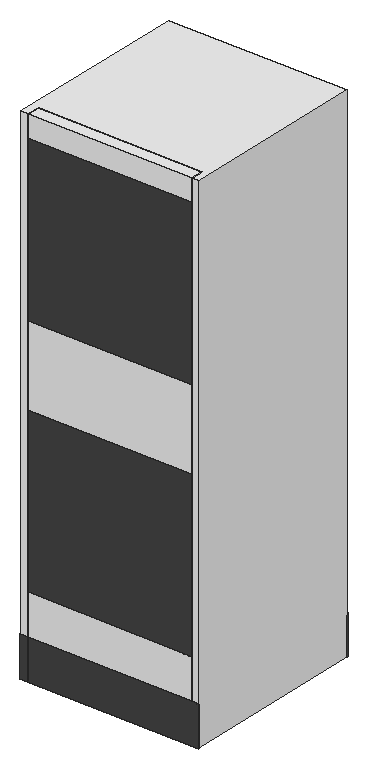
Revit family
Parameters (values of type "ECON-O-DRY DOUBLE LOAD")
  Warranty Duration (Years) = 0
  Voltage = 0 V
  URL = "http://www.continentalgirbau.com"
  Trim Material = Painted Metal - Black
  Three Phase = 0 VA
  Test Data = ""
  Specification = "http://www.arcat.com/sd/clients/cogirbau.html?coid=44467"
  SpecWizard = "http://www.arcat.com/specwizard/11110con/index.htm?mf=&coid=44467"
  Single Phase = 0 VA
  Shell Material = Stainless Steel
  Send Message = "http://admin.arcat.com/users.pl?action=UserEmail&company=Continental%20Girbau,%20Inc.&coid=44467&rep=132&fax=920-231-4666 &mf="
  Sales Information = "http://www.continentalgirbau.com/contact.html"
  Product Properties = "http://www.arcat.com/bim/bim_info.pl?fn=Commercial_Washer"
  Product Data = "http://www.arcat.com/arcatcos/cos44/arc44467.html"
  OpeningCL = DoorOpening / 2  # 1' - 0.34961"
  Model = "As Specified in 11 23 00"
  Mech_Waste = 0' - 4"
  Mech_Steam-Pressure = "0 psi"
  Mech_Steam-Flow = "0"
  Mech_Steam = 0' - 0"
  Mech_Gas_Inlet = 0' - 0"
  Manufacturer Website = "http://www.continentalgirbau.com"
  Manufacturer Phone - Toll Free = "800-256-1073 "
  Manufacturer Phone = "920-231-8222 "
  Manufacturer Fax = "920-231-4666 "
  Manufacturer Address = "2500 State Rd. 44; Oshkosh; WI 54904"
  Manufacturer = "Continental Girbau, Inc."
  Maintenance Schedule (Months) = 0
  MachWidth = 2' - 2 7/8"
  MachHeight = 6' - 4 5/8"
  MachDepth = 2' - 4"
  LwrPanHt = MachHeight / 3  # 2' - 1.54167"
  Keynote = "11 23 00"
  Installation-Fabrication = ""
  Installation Phase = "Interior Fittings"
  InstWidth = 1' - 6"
  Green Building-LEED = "http://www.arcat.com/green/clients/leed_data_44467.html"
  GlassCL = OpeningCL - 0' 2"  # 0' - 10.34961"
  Fr_FaceWdth = MachWidth / 6  # 0' - 4.47917"
  Expected Lifespan (Years) = 0
  Gas Heat Source = no
  Electric Heat Source = yes
  Drawn By = "Robert S. Weygant, CSI, CDT, SCIP"
  DoorOpening = 2' - 0 179/256"
  DoorHeight = 1' - 0"
  Description = "Commercial Washer"
  Cyl_Diam = CylRad * 2  # 2' - 2"
  Cyl_Depth = 2' - 0"
  CylRad = 1' - 1"
  Copyright = "2009, ARCAT, Inc."  # constant formula
  Construction Details = "http://www.arcat.com/details/cogirbau/cogirbau.html?coid=44467"
  Capacity_Weight = 25
  Capacity_Volume = (3.1416 * (CylRad ^ 2)) * Cyl_Depth  # 0.20881 m³
  Building Codes = ""
  BTU = ""
  Assembly Code = "E1010610"
Reference planes (in)
  plane 1 "Front": y = 0
  plane 2: z = 0
  plane 3 "Center (Left/Right)": x = 4.36029
  plane 4: x = -9.07721
  plane 5: x = 17.79779
  plane 6: y = 28
  plane 7: z = 76.625
  plane 8: z = 24.34961
  plane 9: z = 12
  plane 10 "DoorFront": y = 2
  plane 11: y = 26
  plane 12: z = 48.69922
  plane 13: z = 36.69922
  plane 14: z = 61.04883
Forms (in)
  Extrusion 1, solid, material "Stainless Steel" <- "Shell Material"
    sketch origin (0, 0, 0) x (1, 0, 0) y (0, 1, 0)
      loop
        line (-9.07721, 0) -> (-7.98932, 0) -> (-7.98932, 2) -> (16.7099, 2) -> (16.7099, 0) -> (17.79779, 0) -> (17.79779, 28) -> (-9.07721, 28) -> (-9.07721, 0)
    from 0 to 76.625
  Extrusion 2, solid, material "Painted Metal - Black" <- "Trim Material"
    sketch origin (0, 2, -18.64844) x (-1, 0, 0) y (0, 0, 1)
      loop
        line (7.98932, 55.34766) -> (-16.7099, 55.34766) -> (-16.7099, 30.64844) -> (7.98932, 30.64844) -> (7.98932, 55.34766)
    from -0.95871 to -2
  Extrusion 3, void
    sketch origin (0, 2, -16.54883) x (-1, 0, 0) y (0, 0, 1)
      loop
        circle (-4.36029, 40.89844) r 13
    from 0.25 to 24
  Extrusion 4, void
    sketch origin (0, 2, 0) x (-1, 0, 0) y (0, 0, 1)
      loop
        circle (-4.36029, 24.34961) r 12.34961
    from 0 to 0.5
  Extrusion 5, solid, material "Stainless Steel" <- "Shell Material"
    sketch origin (0, 2, 0) x (-1, 0, 0) y (0, 0, 1)
      loop
        line (7.98932, 76.625) -> (-16.7099, 76.625) -> (-16.7099, 73.39844) -> (7.98932, 73.39844) -> (7.98932, 76.625)
    from 0 to -2
  Extrusion 6, solid, material "Stainless Steel"
    sketch origin (0, 2, 0) x (-1, 0, 0) y (0, 0, 1)
      loop
        line (7.98932, 0) -> (7.98932, 12) -> (-16.7099, 12) -> (-16.7099, 0) -> (7.98932, 0)
    from 0 to -2
  Extrusion 7, solid, material "Glass"
    sketch origin (0, 2, -16.54883) x (-1, 0, 0) y (0, 0, 1)
      loop
        circle (-4.36029, 40.89844) r 10.34961
    from 0 to 0.5
  Extrusion 8, solid, material "Painted Metal - Black" <- "Trim Material"
    sketch origin (0, 0, 0) x (1, 0, 0) y (0, 0, 1)
      loop
        line (-9.07721, 0) -> (17.79779, 0) -> (17.79779, 6) -> (-9.07721, 6) -> (-9.07721, 0)
    from -0.0625 to 0.0625
  Extrusion 9, solid, material "Stainless Steel" <- "Shell Material"
    sketch origin (0, 2, -31.92578) x (-1, 0, 0) y (0, 0, 1)
      loop
        line (7.98932, 80.625) -> (-16.7099, 80.625) -> (-16.7099, 68.625) -> (7.98932, 68.625) -> (7.98932, 80.625)
    from 0 to -2
  Extrusion 10, solid, material "Painted Metal - Black" <- "Trim Material"
    sketch origin (0, 2, 18.05078) x (-1, 0, 0) y (0, 0, 1)
      loop
        line (7.98932, 55.34766) -> (-16.7099, 55.34766) -> (-16.7099, 30.64844) -> (7.98932, 30.64844) -> (7.98932, 55.34766)
    from -0.95871 to -2
  Extrusion 11, void
    sketch origin (0, 2, 20.15039) x (-1, 0, 0) y (0, 0, 1)
      loop
        circle (-4.36029, 40.89844) r 13
    from 0.25 to 24
  Extrusion 12, void
    sketch origin (0, 2, 36.69922) x (-1, 0, 0) y (0, 0, 1)
      loop
        circle (-4.36029, 24.34961) r 12.34961
    from 0 to 0.5
  Extrusion 13, solid, material "Glass"
    sketch origin (0, 2, 20.15039) x (-1, 0, 0) y (0, 0, 1)
      loop
        circle (-4.36029, 40.89844) r 10.34961
    from 0 to 0.5
  Extrusion 14, solid, material "Painted Metal - Black"
    sketch origin (0, 0, 0) x (1, 0, 0) y (0, 0, 1)
      loop
        line (17.79779, 0) -> (17.79779, 6) -> (11.79779, 6) -> (11.79779, 0) -> (17.79779, 0)
    from -28.0625 to -28
  Extrusion 15, solid, material "Painted Metal - Black"
    sketch origin (-10.4375, 0, 24) x (1, 0, 0) y (0, 0, 1)
      loop
        line (17.79779, 0) -> (17.79779, 6) -> (11.79779, 6) -> (11.79779, 0) -> (17.79779, 0)
    from -28.0625 to -28
  Extrusion 16, solid, material "Painted Metal - Black"
    sketch origin (-15.875, 0, 12) x (1, 0, 0) y (0, 0, 1)
      loop
        line (17.79779, 0) -> (17.79779, 6) -> (11.79779, 6) -> (11.79779, 0) -> (17.79779, 0)
    from -28.0625 to -28
Cuts and joins
  Extrusion 3, Extrusion 4, Extrusion 11, Extrusion 12 cuts Extrusion 1
  Extrusion 3, Extrusion 4 cuts Extrusion 2
  Extrusion 11 cuts Extrusion 7
  Extrusion 11 cuts Extrusion 13
  Extrusion 12 cuts Extrusion 6
  Extrusion 12 cuts Extrusion 9
Lines and regions (in)
  symbolic lines
    curve 1: line (16.81862, 0, 0) -> (14.81862, 0, 0)
    curve 2: line (16.81862, -24.69922, 0) -> (16.81862, 0, 0)
    curve 3: line (14.81862, -24.69922, 0) -> (16.81862, -24.69922, 0)
    curve 4: line (14.81862, 0, 0) -> (14.81862, -24.69922, 0)
    curve 5: arc (16.81862, -24.69922, 0) -> (-0.02298, -18.06687, 0) -> (-7.81981, -1.73171, 0) r 24.69922
Dimensions and locks (in)
  "MachWidth": plane 4 to plane 5
  "MachDepth": plane 1 "Front" to plane 6
  equal spacing: plane 4, plane 3 "Center (Left/Right)", plane 5
  "MachHeight": plane 7 to plane 2
  locked: Extrusion 1 sketch curve to Extrusion 1 sketch curve at 2
  "DoorHeight": plane 9 to plane 2
  "OpeningCL": plane 8 to plane 9
  "Cyl_Depth": plane 11 to plane 10 "DoorFront"
  "DoorOpening": curve 3 to curve 1
  "OpeningCL": plane 8 to cut or joined group of Extrusion 2, Extrusion 3, Extrusion 4
  "DoorOpening": Extrusion 2 sketch curve to Extrusion 6
  equal spacing: Extrusion 2 sketch curve, plane 8, Extrusion 2 sketch curve
  "DoorHeight": plane 12 to plane 13
  "DoorOpening": Extrusion 10 sketch curve to Extrusion 10 sketch curve  (x2)
  "OpeningCL": plane 14 to plane 12
  "DoorOpening": Extrusion 5 to Extrusion 10 sketch curve
  equal spacing: Extrusion 10 sketch curve, plane 3 "Center (Left/Right)", Extrusion 10 sketch curve
  "DoorOpening": Extrusion 2 sketch curve to Extrusion 2 sketch curve
  equal spacing: Extrusion 2 sketch curve, plane 3 "Center (Left/Right)", Extrusion 2 sketch curve
  locked: cut or joined group of Extrusion 1, Extrusion 3, Extrusion 4, Extrusion 11, Extrusion 12 to cut or joined group of Extrusion 1, Extrusion 3, Extrusion 4, Extrusion 11, Extrusion 12 at 1.08789  (x2)
  locked: Extrusion 14 to cut or joined group of Extrusion 1, Extrusion 3, Extrusion 4, Extrusion 11, Extrusion 12 at 0.0625
  locked: cut or joined group of Extrusion 1, Extrusion 3, Extrusion 4, Extrusion 11, Extrusion 12 to Extrusion 15 at 24
  locked: Extrusion 15 sketch curve to Extrusion 15 sketch curve at 6  (x2)
  equal spacing: Extrusion 15 sketch curve, plane 3 "Center (Left/Right)", Extrusion 15 sketch curve, locked at 3 each
  locked: Extrusion 16 sketch curve to Extrusion 16 sketch curve at 6  (x2)
  locked: cut or joined group of Extrusion 1, Extrusion 3, Extrusion 4, Extrusion 11, Extrusion 12 to Extrusion 16 sketch curve at 5
  locked: cut or joined group of Extrusion 1, Extrusion 3, Extrusion 4, Extrusion 11, Extrusion 12 to Extrusion 16 sketch curve at 12
  "CylRad": radius of Extrusion 3 sketch curve
  "OpeningCL": radius of Extrusion 4 sketch curve
  "GlassCL": radius of Extrusion 7 sketch curve
  "CylRad": radius of Extrusion 11 sketch curve
  "OpeningCL": radius of Extrusion 12 sketch curve
  "GlassCL": radius of Extrusion 13 sketch curve
  aligned and locked: plane 4 to Extrusion 1
  aligned and locked: plane 5 to Extrusion 1
  aligned and locked: plane 1 "Front" to Extrusion 1
  aligned and locked: plane 6 to Extrusion 1
  aligned and locked: plane 7 to Extrusion 1
  aligned and locked: plane 10 "DoorFront" to Extrusion 1
  aligned and locked: plane 11 to cut or joined group of Extrusion 1, Extrusion 3, Extrusion 4, Extrusion 11, Extrusion 12
  aligned and locked: Extrusion 5 sketch curve to plane 7
  aligned and locked: Extrusion 5 to cut or joined group of Extrusion 1, Extrusion 3, Extrusion 4, Extrusion 11, Extrusion 12  (x2)
  aligned and locked: Extrusion 6 sketch curve to plane 2
  aligned and locked: Extrusion 6 to cut or joined group of Extrusion 1, Extrusion 3, Extrusion 4, Extrusion 11, Extrusion 12  (x2)
  aligned and locked: Extrusion 8 sketch curve to plane 5
  aligned and locked: Extrusion 8 sketch curve to plane 2
  aligned and locked: cut or joined group of Extrusion 1, Extrusion 3, Extrusion 4, Extrusion 11, Extrusion 12 to Extrusion 8 sketch curve
  aligned and locked: plane 8 to Extrusion 7
  aligned and locked: plane 8 to cut or joined group of Extrusion 1, Extrusion 3, Extrusion 4, Extrusion 11, Extrusion 12
  aligned and locked: plane 9 to Extrusion 6
  aligned and locked: Extrusion 9 to cut or joined group of Extrusion 2, Extrusion 3, Extrusion 4
  aligned and locked: Extrusion 9 to Extrusion 10
  aligned and locked: Extrusion 9 to cut or joined group of Extrusion 1, Extrusion 3, Extrusion 4, Extrusion 11, Extrusion 12  (x2)
  aligned and locked: plane 13 to Extrusion 9
  aligned and locked: Extrusion 5 to Extrusion 10
  aligned and locked: plane 14 to Extrusion 13
  aligned and locked: cut or joined group of Extrusion 1, Extrusion 3, Extrusion 4, Extrusion 11, Extrusion 12 to Extrusion 14 sketch curve  (x2)
  aligned and locked: Extrusion 14 to plane 6
Automatic sketch dimensions
  curve 4 to plane 1 "Front" = 0' - 0"
  curve 5 to plane 1 "Front" = 0' - 0"
  plane 4 to curve 5 = 0' - 1.2574"
  plane 5 to curve 4 = 0' - 2.97917"
  curve 3 to curve 3 = 0' - 2"
  Extrusion 1 sketch curve to plane 4 = 0' - 0"
  Extrusion 1 sketch curve to plane 10 "DoorFront" = 0' - 0"
  Extrusion 1 sketch curve to plane 1 "Front" = 0' - 0"
  Extrusion 1 sketch curve to plane 5 = 0' - 0"
  Extrusion 1 sketch curve to plane 6 = 0' - 0"
  plane 4 to Extrusion 1 sketch curve = 0' - 1.08789"
  plane 5 to Extrusion 1 sketch curve = 0' - 1.08789"
  Extrusion 3 sketch curve to plane 3 "Center (Left/Right)" = 0' - 0"
  Extrusion 3 sketch curve to plane 8 = 0' - 0"
  Extrusion 4 sketch curve to plane 3 "Center (Left/Right)" = 0' - 0"
  Extrusion 4 sketch curve to plane 8 = 0' - 0"
  plane 5 to Extrusion 5 sketch curve = 0' - 1.08789"
  plane 4 to Extrusion 5 sketch curve = 0' - 1.08789"
  Extrusion 5 sketch curve to plane 7 = 0' - 3 29/128"
  Extrusion 6 sketch curve to plane 9 = 0' - 0"
  plane 5 to Extrusion 6 sketch curve = 0' - 1.08789"
  plane 4 to Extrusion 6 sketch curve = 0' - 1.08789"
  Extrusion 7 sketch curve to plane 3 "Center (Left/Right)" = 0' - 0"
  Extrusion 7 sketch curve to plane 8 = 0' - 0"
  level to Extrusion 8 sketch curve = 0' - 6"
  Extrusion 9 sketch curve to plane 12 = 0' - 0"
  Extrusion 9 sketch curve to plane 13 = 0' - 0"
  plane 5 to Extrusion 9 sketch curve = 0' - 1.08789"
  plane 4 to Extrusion 9 sketch curve = 0' - 1.08789"
  Extrusion 11 sketch curve to plane 3 "Center (Left/Right)" = 0' - 0"
  Extrusion 11 sketch curve to plane 14 = 0' - 0"
  Extrusion 12 sketch curve to plane 3 "Center (Left/Right)" = 0' - 0"
  Extrusion 12 sketch curve to plane 14 = 0' - 0"
  Extrusion 13 sketch curve to plane 3 "Center (Left/Right)" = 0' - 0"
  Extrusion 13 sketch curve to plane 14 = 0' - 0"
  plane 5 to Extrusion 14 sketch curve = 0' - 6"
  Extrusion 14 sketch curve to Extrusion 14 sketch curve = 0' - 6"
  Extrusion 15 sketch curve to plane 8 = 0' - 0.34961"
Connectors (in)
  electrical at (14.79779, 28.0625, 3)
    settings: on Extrusion 14, index 1
  hvac at (4.36029, 28.0625, 27), driven by "Mech_Waste"
    settings: on Extrusion 15, index 2
  piping at (-1.07721, 28.0625, 15), driven by "Mech_Steam"
    settings: on Extrusion 16, index 3
